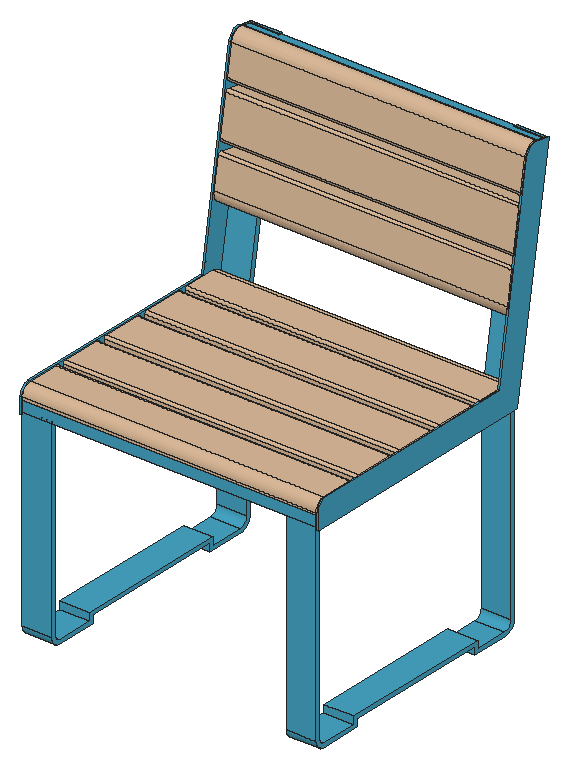
Revit family "product code 61203-S-L", category Meble, Revit 2021
Family settings
  Numer OmniClass = 23.40.20.00
  Tytuł OmniClass = General Furniture and Specialties
  Oparty na płaszczyźnie roboczej = Nie
  Zawsze pionowo = Tak
  Tnij formami wycięć po wczytaniu = Nie
  Współdzielony = Nie
  Punkt obliczania pomieszczeń = Nie
Parameters (values of type "61203-S-L")
  wood = Kobenhagen Wood - Larch
  metal = Kobenhagen RAL 5012
  Width = "50  cm"
  Weight = "40 kg"
  URL = "https://kobenhagen.com/en_US/p/Frederiksberg-Chair/136"
  Size = "I"
  Seat height = "45 cm"
  Product line = "Frederiksberg"
  Product Groups = "Chairs"
  Producent = "Lars Laj"
  Keynote = ""
  Opis = "Frederiksberg Chair"
  Model = "61203-S-L"
  Material = "Larch, stainless steel, powder coated steel"
  Maintenance = "We recommend to examine and tighten all screws and bolt clamps after a few weeks’ use. In order to prevent cracks and to extend the life of the wood, it is recommended that the wood details should be oiled every 3-5 years."
  Lenght = "60 cm"
  Type Comments = ""
  Kobenhagen Materials = "larslaj.com/bim"
  Hosted on larslaj.com = "https://larslaj.com/bim"
  Height = "86 cm"
  Domyślna rzędna = 0 mm
  Copyright = "All designs and drawings are the intellectual property of Lars Laj A/S and are protected by Danish and international copyright laws."
Reference planes
  plane 1 "front": y = 0
  plane 2: z = 0
  plane 3 "Środek (Lewa/Prawa)": x = 0
  plane 4 "left": x = -295.625
  plane 5 "right": x = 295.625
  plane 6 "back": y = 575.242
  plane 7: x = -235.625
Forms (mm)
  Extrusion 1, solid, material "Kobenhagen Wood - Larch" <- "wood"
    sketch origin (0, -0.031, 21.46) x (0, 1, 0) y (0, 0, 1)
      loop
        arc (260.118, 430.04) -> (256.583, 428.576) -> (255.118, 425.04) r 5
        line (255.118, 425.04) -> (255.118, 388.972)
        arc (255.118, 388.972) -> (255.693, 387.586) -> (257.078, 387.012) r 1.96
        line (257.078, 387.012) -> (342.493, 387.012)
        arc (342.493, 387.012) -> (343.908, 387.598) -> (344.493, 389.012) r 2
        line (344.493, 389.012) -> (344.493, 425.04)
        arc (344.493, 425.04) -> (343.029, 428.576) -> (339.493, 430.04) r 5
        line (339.493, 430.04) -> (260.118, 430.04)
    from -295.625 to 295.625
  Extrusion 2, solid, material "Kobenhagen Wood - Larch" <- "wood"
    sketch origin (0, -102.48, 21.46) x (0, 1, 0) y (0, 0, 1)
      loop
        arc (260.118, 430.04) -> (256.583, 428.576) -> (255.118, 425.04) r 5
        line (255.118, 425.04) -> (255.118, 388.972)
        arc (255.118, 388.972) -> (255.693, 387.586) -> (257.078, 387.012) r 1.96
        line (257.078, 387.012) -> (342.493, 387.012)
        arc (342.493, 387.012) -> (343.908, 387.598) -> (344.493, 389.012) r 2
        line (344.493, 389.012) -> (344.493, 425.04)
        arc (344.493, 425.04) -> (343.029, 428.576) -> (339.493, 430.04) r 5
        line (339.493, 430.04) -> (260.118, 430.04)
    from -295.625 to 295.625
  Extrusion 3, solid, material "Kobenhagen Wood - Larch" <- "wood"
    sketch origin (0, -204.98, 21.46) x (0, 1, 0) y (0, 0, 1)
      loop
        arc (275.801, 430.04) -> (261.548, 424.097) -> (255.741, 409.787) r 20.061
        line (255.741, 409.787) -> (255.741, 405.469) -> (259.281, 405.469) -> (259.281, 387.013) -> (343.118, 387.013)
        arc (343.118, 387.013) -> (344.532, 387.598) -> (345.117, 389.012) r 1.999
        line (345.117, 389.012) -> (345.117, 425.043)
        arc (345.117, 425.043) -> (343.653, 428.577) -> (340.119, 430.04) r 4.998
        line (340.119, 430.04) -> (275.801, 430.04)
    from -295.625 to 295.625
  Extrusion 4, solid, material "Kobenhagen Wood - Larch" <- "wood"
    sketch origin (0, 102.52, 23.25) x (0, 1, 0) y (0, 0, 1)
      loop
        arc (260.118, 428.25) -> (256.583, 426.786) -> (255.118, 423.25) r 5
        line (255.118, 423.25) -> (255.118, 387.182)
        arc (255.118, 387.182) -> (255.693, 385.796) -> (257.078, 385.222) r 1.96
        line (257.078, 385.222) -> (342.493, 385.222)
        arc (342.493, 385.222) -> (343.908, 385.808) -> (344.493, 387.222) r 2
        line (344.493, 387.222) -> (344.493, 423.25)
        arc (344.493, 423.25) -> (343.029, 426.786) -> (339.493, 428.25) r 5
        line (339.493, 428.25) -> (260.118, 428.25)
    from -295.625 to 295.625
  Extrusion 5, solid, material "Kobenhagen Wood - Larch" <- "wood"
    sketch origin (0, 943.724, 450.045) x (0, 0.173648, 0.984808) y (0, -0.984808, 0.173648)
      loop
        arc (260.118, 430.036) -> (256.583, 428.571) -> (255.118, 425.036) r 5
        line (255.118, 425.036) -> (255.118, 389.305)
        arc (255.118, 389.305) -> (255.693, 387.919) -> (257.078, 387.345) r 1.96
        line (257.078, 387.345) -> (340.844, 387.345) -> (341.158, 405.34) -> (343.808, 405.34)
        arc (343.808, 405.34) -> (338.282, 422.627) -> (321.714, 430.036) r 22.231
        line (321.714, 430.036) -> (260.118, 430.036)
    from -295.625 to 295.625
  Extrusion 6, solid, material "Kobenhagen Wood - Larch" <- "wood"
    sketch origin (0, 925.653, 348.398) x (0, 0.173648, 0.984808) y (0, -0.984808, 0.173648)
      loop
        arc (260.118, 429.703) -> (256.583, 428.239) -> (255.118, 424.703) r 5
        line (255.118, 424.703) -> (255.118, 388.972)
        arc (255.118, 388.972) -> (255.693, 387.586) -> (257.078, 387.012) r 1.96
        line (257.078, 387.012) -> (342.493, 387.012)
        arc (342.493, 387.012) -> (343.908, 387.598) -> (344.493, 389.012) r 2
        line (344.493, 389.012) -> (344.493, 424.703)
        arc (344.493, 424.703) -> (343.029, 428.239) -> (339.493, 429.703) r 5
        line (339.493, 429.703) -> (260.118, 429.703)
    from -295.625 to 295.625
  Extrusion 7, solid, material "Kobenhagen RAL 5012" <- "metal", not visible
    sketch origin (0, 0, 0) x (0, 1, 0) y (0, 0, 1)
      loop
        arc (71.187, 451.5) -> (57.045, 445.642) -> (51.187, 431.5) r 20
        line (51.187, 431.5) -> (51.187, 18.231)
        arc (51.187, 18.231) -> (56.527, 5.34) -> (69.418, 0) r 18.231
        line (69.418, 0) -> (153.638, 0) -> (153.638, 15) -> (448.638, 15) -> (448.638, 0) -> (527.023, 0)
        arc (527.023, 0) -> (542.307, 6.331) -> (548.638, 21.615) r 21.615
        line (548.638, 21.615) -> (548.638, 429.407)
        arc (548.638, 429.407) -> (542.168, 445.029) -> (526.545, 451.5) r 22.093
        line (526.545, 451.5) -> (71.187, 451.5)
    from 750.378 to 745
  Extrusion 8, solid, material "Kobenhagen RAL 5012" <- "metal", not visible
    sketch origin (0, 0, 0) x (0, 1, 0) y (0, 0, 1)
      loop
        line (548.638, 396.844) -> (629.375, 854.725) -> (601.836, 859.581)
        arc (601.836, 859.581) -> (585.224, 855.898) -> (576.082, 841.547) r 22.232
        line (576.082, 841.547) -> (507.306, 451.5) -> (526.545, 451.5)
        arc (526.545, 451.5) -> (542.168, 445.029) -> (548.638, 429.407) r 22.093
        line (548.638, 429.407) -> (548.638, 396.844)
    from 745 to 750.378
  Extrusion 9, solid, material "Kobenhagen RAL 5012" <- "metal"
    sketch origin (449.375, 0, 0) x (0, -1, 0) y (0, 0, 1)
      loop
        line (-549.241, 400.262) -> (-51.187, 400.262) -> (-51.187, 431.5)
        arc (-51.187, 431.5) -> (-57.045, 445.642) -> (-71.187, 451.5) r 20
        line (-71.187, 451.5) -> (-507.306, 451.5) -> (-576.082, 841.547)
        arc (-576.082, 841.547) -> (-585.224, 855.898) -> (-601.836, 859.581) r 22.232
        line (-601.836, 859.581) -> (-629.375, 854.725) -> (-549.241, 400.262)
    from 745 to 748.976
  Extrusion 10, solid, material "Kobenhagen RAL 5012" <- "metal"
    sketch origin (0, 0, 0) x (0, 1, 0) y (0, 0, 1)
      loop
        line (548.638, 396.844) -> (629.375, 854.725) -> (621.989, 856.027) -> (541.138, 397.5) -> (541.138, 23.296)
        arc (541.138, 23.296) -> (536.512, 12.127) -> (525.342, 7.5) r 15.796
        line (525.342, 7.5) -> (456.138, 7.5) -> (456.138, 22.5) -> (146.138, 22.5) -> (146.138, 7.5) -> (69.95, 7.5)
        arc (69.95, 7.5) -> (61.986, 10.799) -> (58.687, 18.763) r 11.263
        line (58.687, 18.763) -> (58.687, 400.262) -> (538.687, 400.262) -> (538.687, 408.472) -> (51.187, 408.472) -> (51.187, 18.763)
        arc (51.187, 18.763) -> (56.683, 5.495) -> (69.95, 0) r 18.763
        line (69.95, 0) -> (153.638, 0) -> (153.638, 15) -> (448.638, 15) -> (448.638, 0) -> (525.342, 0)
        arc (525.342, 0) -> (541.815, 6.823) -> (548.638, 23.296) r 23.296
        line (548.638, 23.296) -> (548.638, 396.844)
    from -295.625 to -235.625
  Extrusion 11, solid, material "Kobenhagen RAL 5012" <- "metal"
    sketch origin (0, 0, 0) x (0, 1, 0) y (0, 0, 1)
      loop
        line (578.693, 567.292) -> (629.375, 854.725) -> (621.989, 856.027) -> (571.307, 568.594) -> (578.693, 567.292)
      loop
        line (548.09, 408.472) -> (58.09, 408.472) -> (58.09, 400.262) -> (548.09, 400.262) -> (548.09, 408.472)
    from -238.345 to -298.116
  Extrusion 12, solid, material "Kobenhagen RAL 5012" <- "metal"
    sketch origin (0, 0, 0) x (0, 1, 0) y (0, 0, -1)
      loop
        line (548.638, -396.844) -> (548.638, -23.296)
        arc (548.638, -23.296) -> (541.815, -6.823) -> (525.342, 0) r 23.296
        line (525.342, 0) -> (448.638, 0) -> (448.638, -15) -> (153.638, -15) -> (153.638, 0) -> (69.95, 0)
        arc (69.95, 0) -> (56.683, -5.495) -> (51.187, -18.763) r 18.763
        line (51.187, -18.763) -> (51.187, -408.472) -> (538.687, -408.472) -> (538.687, -400.262) -> (58.687, -400.262) -> (58.687, -18.763)
        arc (58.687, -18.763) -> (61.986, -10.799) -> (69.95, -7.5) r 11.263
        line (69.95, -7.5) -> (146.138, -7.5) -> (146.138, -22.5) -> (456.138, -22.5) -> (456.138, -7.5) -> (525.342, -7.5)
        arc (525.342, -7.5) -> (536.512, -12.127) -> (541.138, -23.296) r 15.796
        line (541.138, -23.296) -> (541.138, -397.5) -> (621.989, -856.027) -> (629.375, -854.725) -> (548.638, -396.844)
    from -295.625 to -235.625
  Extrusion 13, solid, material "Kobenhagen RAL 5012" <- "metal"
    sketch origin (0, 0, 0) x (0, 1, 0) y (0, 0, -1)
      loop
        line (578.693, -567.292) -> (571.307, -568.594) -> (621.989, -856.027) -> (629.375, -854.725) -> (578.693, -567.292)
      loop
        line (548.09, -408.472) -> (548.09, -400.262) -> (58.09, -400.262) -> (58.09, -408.472) -> (548.09, -408.472)
    from -238.345 to -298.116
  Extrusion 14, solid, material "Kobenhagen RAL 5012" <- "metal"
    sketch origin (0, -0.186, -0.127) x (0, 1, 0) y (0, 0, 1)
      loop
        line (624.848, 855.34) -> (604.709, 859.052) -> (604.207, 856.208) -> (621.46, 853.027) -> (617.522, 830.691) -> (620.213, 830.195) -> (624.848, 855.34)
    from -295.625 to 295.625
  Extrusion 15, solid, material "Kobenhagen Wood - Larch" <- "wood"
    sketch origin (0, 1011.113, 833.629) x (0, -0.173648, -0.984808) y (0, 0.984808, -0.173648)
      loop
        line (260.118, -430.036) -> (321.714, -430.036)
        arc (321.714, -430.036) -> (338.282, -422.627) -> (343.808, -405.34) r 22.231
        line (343.808, -405.34) -> (341.158, -405.34) -> (340.844, -387.345) -> (257.078, -387.345)
        arc (257.078, -387.345) -> (255.693, -387.919) -> (255.118, -389.305) r 1.96
        line (255.118, -389.305) -> (255.118, -425.036)
        arc (255.118, -425.036) -> (256.583, -428.571) -> (260.118, -430.036) r 5
    from -295.625 to 295.625
  Extrusion 16, solid, material "Kobenhagen RAL 5012" <- "metal"
    sketch origin (0, 278.518, 1579.266) x (0, 0.939693, -0.34202) y (0, 0.34202, 0.939693)
      loop
        line (624.848, -855.34) -> (621.274, -835.952) -> (618.538, -836.456) -> (621.46, -853.027) -> (604.207, -856.208) -> (604.709, -859.052) -> (624.848, -855.34)
    from -295.625 to 295.625
  Extrusion 17, solid, material "Kobenhagen RAL 5012" <- "metal"
    sketch origin (0, 1005.631, 865.125) x (0, -0.181284, -0.983431) y (0, 0.983431, -0.181284)
      loop
        line (624.848, -855.34) -> (621.274, -835.952) -> (618.538, -836.456) -> (621.589, -853.003) -> (603.488, -856.34) -> (603.99, -859.185) -> (624.848, -855.34)
    from -295.625 to 295.625
  Extrusion 18, solid, material "Kobenhagen Wood - Larch" <- "wood"
    sketch origin (0, 803.849, 21.796) x (0, -1, 0) y (0, 0, -1)
      loop
        line (275.801, -429.704) -> (340.119, -429.704)
        arc (340.119, -429.704) -> (343.653, -428.24) -> (345.117, -424.706) r 4.998
        line (345.117, -424.706) -> (345.117, -388.675)
        arc (345.117, -388.675) -> (344.532, -387.261) -> (343.118, -386.676) r 1.999
        line (343.118, -386.676) -> (258.566, -386.676) -> (258.566, -405.469) -> (255.741, -405.469) -> (255.741, -409.451)
        arc (255.741, -409.451) -> (261.548, -423.76) -> (275.801, -429.704) r 20.061
    from -295.625 to 295.625
  Extrusion 19, solid, material "Kobenhagen RAL 5012" <- "metal"
    sketch origin (0, -406.271, 865.125) x (0, 0.181284, -0.983431) y (0, 0.983431, 0.181284)
      loop
        line (624.848, 855.34) -> (603.631, 859.251) -> (603.107, 856.41) -> (621.589, 853.003) -> (618.538, 836.456) -> (621.274, 835.952) -> (624.848, 855.34)
    from -295.625 to 295.625
  Extrusion 20, solid, material "Kobenhagen RAL 5012" <- "metal"
    sketch origin (-449.375, 0, 0) x (0, -1, 0) y (0, 0, -1)
      loop
        line (-549.241, -400.262) -> (-629.375, -854.725) -> (-601.836, -859.581)
        arc (-601.836, -859.581) -> (-585.224, -855.898) -> (-576.082, -841.547) r 22.232
        line (-576.082, -841.547) -> (-507.306, -451.5) -> (-71.187, -451.5)
        arc (-71.187, -451.5) -> (-57.045, -445.642) -> (-51.187, -431.5) r 20
        line (-51.187, -431.5) -> (-51.187, -400.262) -> (-549.241, -400.262)
    from 745 to 749.059
Lines and regions (mm)
  model lines, style "9"
    curve 1: line (-315.53, -352.467, 0) -> (-315.53, -346.467, 0)
    curve 2: line (-315.53, -652.467, 0) -> (-315.53, -658.467, 0)
Dimensions and locks
  Extrusion 1 sketch curve to Extrusion 1 sketch curve = 89.375 mm
  Extrusion 1 sketch curve to Extrusion 1 sketch curve = 43.028 mm
  Extrusion 2 sketch curve to Extrusion 2 sketch curve = 89.375 mm
  Extrusion 2 sketch curve to Extrusion 2 sketch curve = 43.028 mm
  Extrusion 3 sketch curve to Extrusion 3 sketch curve = 43.028 mm
  Extrusion 4 sketch curve to Extrusion 4 sketch curve = 89.375 mm
  Extrusion 4 sketch curve to Extrusion 4 sketch curve = 43.028 mm
  Extrusion 5 sketch curve to Extrusion 5 sketch curve = 42.691 mm
  Extrusion 6 sketch curve to Extrusion 6 sketch curve = 89.375 mm
  Extrusion 6 sketch curve to Extrusion 6 sketch curve = 42.691 mm
  Extrusion 15 sketch curve to Extrusion 15 sketch curve = 42.691 mm
  Extrusion 18 sketch curve to Extrusion 18 sketch curve = 43.028 mm
  aligned and locked: level to plane 2
  aligned and locked: plane 5 "right" to Extrusion 1
  aligned and locked: Extrusion 1 to plane 4 "left"
  aligned and locked: plane 5 "right" to Extrusion 4
  aligned and locked: plane 5 "right" to Extrusion 2
  aligned and locked: plane 5 "right" to Extrusion 3
  aligned and locked: plane 5 "right" to Extrusion 5
  aligned and locked: plane 5 "right" to Extrusion 6
  aligned and locked: Extrusion 5 to plane 4 "left"
  aligned and locked: Extrusion 6 to plane 4 "left"
  aligned and locked: Extrusion 4 to plane 4 "left"
  aligned and locked: Extrusion 2 to plane 4 "left"
  aligned and locked: Extrusion 3 to plane 4 "left"
  aligned and locked: Extrusion 10 to plane 4 "left"
  aligned and locked: plane 7 to Extrusion 10
